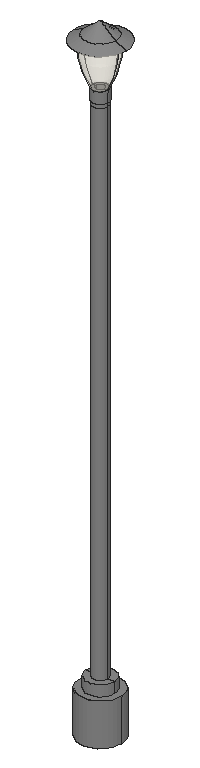
Revit family
Parameters (values of type "400 와트 할로겐")
  Wattage = 400 W
  built-in parameter 1150110 = 1 (stored number, unit not read)
  built-in parameter 1114217 = 1 (stored number, unit not read)
  built-in parameter 1150109 = 1 (stored number, unit not read)
  built-in parameter 1150134 = 3
  built-in parameter 1150113 = 1 (stored number, unit not read)
  built-in parameter 1150115 = 1 (stored number, unit not read)
  built-in parameter 1150105 = 795.77 (stored number, unit not read)
  Light Source Symbol Size = 609.60 mm
  built-in parameter 1150137 = (empty or 0)
  built-in parameter 1150139 = (empty or 0)
  built-in parameter 1150112 = 1 (stored number, unit not read)
  built-in parameter 1150114 = 1 (stored number, unit not read)
  built-in parameter 1150132 = (empty or 0)
  built-in parameter 1150102 = (empty or 0)
  built-in parameter 1150138 = (empty or 0)
  built-in parameter 1150107 = 3200 (stored number, unit not read)
  built-in parameter 1150106 = 7.9577 (stored number, unit not read)
  높이 = 4600.00 mm
  Lamp = "T-4"
  Lumens = 10000 lm
  음영처리 재료 = 유리 - 젖빛
  스탠드 재료 = 금속 - 페인트 마감 - 진회색, 무광
  Wattage Comments = "400"
  built-in parameter 1150104 = 2.3226 (stored number, unit not read)
  Dimming Lamp Color Temperature Shift = (empty or 0)
  Color Filter = 16777215
  built-in parameter 1114218 = 1 (stored number, unit not read)
  built-in parameter 1150133 = 10 (stored number, unit not read)
Types (4, lengths in mm): name | Wattage | built-in parameter 1150134 | built-in parameter 1150105 | built-in parameter 1150107 | built-in parameter 1150106 | Lamp | Lumens | Wattage Comments | built-in parameter 1150104
  (no name) | 400 W | 3 | 795.77 (stored number, unit not read) | 3200 (stored number, unit not read) | 7.9577 (stored number, unit not read) | "T-4" | 10000 lm | "400" | 2.3226 (stored number, unit not read)
  400 와트 할로겐 | 400 W | 3 | 795.77 (stored number, unit not read) | 3200 (stored number, unit not read) | 7.9577 (stored number, unit not read) | "T-4" | 10000 lm | "400" | 2.3226 (stored number, unit not read)
  250 와트 나트륨 | 250 W | 13 | 2307.7 (stored number, unit not read) | 2100 (stored number, unit not read) | 23.077 (stored number, unit not read) | "ET-18" | 29000 lm | "250" | 10.777 (stored number, unit not read)
  250 와트 할로겐 | 250 W | 3 | 397.89 (stored number, unit not read) | 3200 (stored number, unit not read) | 3.9789 (stored number, unit not read) | "T-4" | 5000 lm | "250" | 1.8581 (stored number, unit not read)
Reference planes
  plane 1 "광원 축": y = 0
  plane 2: z = 0
  plane 3 "광원 축": x = 0
  plane 4: z = 4600
  plane 5: z = 4473
  plane 6: z = 4511.1
  plane 7: z = 4168.2
  plane 8: z = 4092
  plane 9: z = 4066.6
  plane 10: x = -114.3
  plane 11: x = -190.5
  plane 12: x = -165.1
  plane 13: x = -76.2
  plane 14: x = 101.6
  plane 15: x = 76.2
  plane 16 "광원 입면도": z = 4292.6
  plane 17: z = 304.8
Forms (mm)
  Extrusion 1, solid, material "금속 - 페인트 마감 - 진회색, 무광" <- "스탠드 재료"
    sketch origin (0, 0, 0) x (1, 0, 0) y (0, 1, 0)
      loop
        circle (0, 0) r 152.4
    from 0 to 304.8
  Revolve 2, solid, material "금속 - 페인트 마감 - 진회색, 무광" <- "스탠드 재료"
    sketch origin (0, 0, 0) x (1, 0, 0) y (0, 0, 1)
      loop
        line (0, 4600) -> (-114.3, 4511.1) -> (-190.5, 4473) -> (-114.3, 4473) -> (-114.3, 4481.731) -> (-144.639, 4481.731) -> (-107.454, 4500.324) -> (0, 4585.172) -> (0, 4600)
      loop
        line (-57.398, 4168.2) -> (-57.398, 4092) -> (-53.975, 4092) -> (-53.975, 4066.6) -> (-12.7, 4066.6) -> (-12.7, 4092) -> (-31.998, 4092) -> (-31.998, 4168.2) -> (-57.398, 4168.2)
      axis (0, 4600) -> (0, 4066.6)
    angle from 0 to 360
  Sweep 3, solid, material "금속 - 페인트 마감 - 진회색, 무광" <- "스탠드 재료"
    path origin (0, 0, 304.8) x (1, 0, 0) y (0, 1, 0)
      loop
        circle (0, 0) r 12.7
    profile origin (0, 0, 304.8) x (0, -1, 0) y (0, 0, 1)
      loop
        line (-25.4, 0) -> (-25.4, 3761.8) -> (-50.8, 3761.8) -> (-50.8, 76.2) -> (-101.6, 76.2) -> (-101.6, 0) -> (-25.4, 0)
  Revolve 4, solid, material "유리 - 젖빛" <- "음영처리 재료"
    sketch origin (0, 0, 0) x (1, 0, 0) y (0, 0, 1)
      loop
        line (-57.398, 4168.2) -> (-51.043, 4168.2)
        arc (-51.043, 4168.2) -> (-108.966, 4315.957) -> (-131.878, 4473) r 695.382
        line (-131.878, 4473) -> (-139.069, 4473)
        arc (-139.069, 4473) -> (-115.751, 4315.906) -> (-57.398, 4168.2) r 695.382
      axis (0, 4473) -> (0, 4168.2)
    angle from 0 to 360
Lines and regions (mm)
  Masking region 1
    outline origin (0, 0, 0) x (1, 0, 0) y (0, 1, 0)
      loop
        circle (0, 0) r 150
  symbolic lines, style "외부"
    curve 1: arc (50, 0, 0) -> (0, 50, 0) -> (-50, 0, 0) r 50
    curve 2: arc (-50, 0, 0) -> (0, -50, 0) -> (50, 0, 0) r 50
    curve 3: arc (25.4, 0, 0) -> (0, 25.4, 0) -> (-25.4, 0, 0) r 25.4
    curve 4: arc (-25.4, 0, 0) -> (0, -25.4, 0) -> (25.4, 0, 0) r 25.4
Dimensions and locks
  "높이": plane 4 to plane 2
  locked: plane 8 to plane 9 at 25.4
  locked: plane 7 to plane 8 at 76.2
  locked: plane 5 to plane 7 at 304.8
  locked: plane 6 to plane 5 at 38.1
  locked: plane 4 to plane 6 at 88.9
  locked: plane 5 to plane 16 "광원 입면도" at 180.4
  aligned and locked: plane 10 to Revolve 2 sketch curve
  aligned and locked: plane 11 to Revolve 2 sketch curve
  aligned and locked: plane 5 to Revolve 2 sketch curve
  aligned and locked: Sweep 3 sketch curve to plane 9
  aligned and locked: Sweep 3 sketch curve to plane 17
  aligned and locked: imposter light to plane 3 "광원 축"
  aligned and locked: plane 1 "광원 축" to imposter light
  aligned and locked: plane 16 "광원 입면도" to imposter light
Automatic sketch dimensions
  Extrusion 1 sketch curve to plane 1 "광원 축" = 0.00 mm
  Extrusion 1 sketch curve to plane 3 "광원 축" = 0.00 mm
  Extrusion 1 sketch curve to plane 3 "광원 축" = 152.40 mm
  Sweep 3 sketch curve to plane 1 "광원 축" = 0.00 mm
  Sweep 3 sketch curve to plane 3 "광원 축" = 0.00 mm
  Sweep 3 sketch curve to plane 3 "광원 축" = 12.70 mm
  Revolve 2 sketch curve to plane 10 = 0.00 mm
  Revolve 2 sketch curve to plane 7 = 0.00 mm
  Revolve 2 sketch curve to plane 8 = 0.00 mm  (x2)
  Revolve 2 sketch curve to plane 9 = 0.00 mm
  Revolve 2 sketch curve to plane 3 "광원 축" = 0.00 mm
  Revolve 2 sketch curve to plane 5 = 8.731 mm
  Revolve 2 sketch curve to plane 12 = 20.461 mm
  Revolve 2 sketch curve to plane 10 = 6.846 mm
  Revolve 2 sketch curve to plane 3 "광원 축" = 57.398 mm
  Revolve 2 sketch curve to Revolve 2 sketch curve = 3.423 mm
  Revolve 2 sketch curve to Revolve 2 sketch curve = 25.40 mm
  Revolve 2 sketch curve to plane 3 "광원 축" = 12.70 mm
  Revolve 2 sketch curve to plane 6 = 0.00 mm
  Revolve 2 sketch curve to plane 4 = 0.00 mm  (x2)
  plane 9 to Revolve 2 sketch curve = 76.20 mm
  plane 6 to Revolve 2 sketch curve = 10.776 mm
  Revolve 2 sketch curve to Revolve 2 sketch curve = 14.828 mm
  Revolve 2 sketch curve to Revolve 2 sketch curve = 254.00 mm
  Revolve 4 sketch curve to plane 5 = 0.00 mm
  Revolve 4 sketch curve to plane 7 = 0.00 mm
  Revolve 4 sketch curve to plane 3 "광원 축" = 0.00 mm
  Revolve 4 sketch curve to plane 3 "광원 축" = 51.043 mm
  Revolve 4 sketch curve to Revolve 4 sketch curve = 6.355 mm
  Revolve 4 sketch curve to plane 3 "광원 축" = 131.878 mm
  Revolve 4 sketch curve to Revolve 4 sketch curve = 7.191 mm
  Revolve 4 sketch curve to plane 5 = 22.884 mm
  Revolve 4 sketch curve to Revolve 4 sketch curve = 7.244 mm
  Revolve 4 sketch curve to plane 8 = 25.40 mm
  Revolve 4 sketch curve to plane 4 = 177.80 mm
  curve 2 to plane 1 "광원 축" = 0.00 mm
  curve 1 to plane 3 "광원 축" = 0.00 mm
  curve 1 to plane 3 "광원 축" = 50.00 mm
  profile plane to Sweep 3 sketch curve = 88.90 mm
  profile plane to Sweep 3 sketch curve = 38.10 mm
  profile plane to Sweep 3 sketch curve = 12.70 mm
  Sweep 3 sketch curve to Sweep 3 sketch curve = 76.20 mm
  Masking region 1 sketch curve to Masking region 1 sketch curve = 0.00 mm  (x2)
  Masking region 1 sketch curve to plane 1 "광원 축" = 0.00 mm
  Masking region 1 sketch curve to plane 3 "광원 축" = 0.00 mm
  Masking region 1 sketch curve to plane 12 = 15.10 mm
  curve 1 to curve 3 = 0.00 mm
  curve 3 to plane 3 "광원 축" = 25.40 mm
  curve 1 to curve 4 = 0.00 mm
